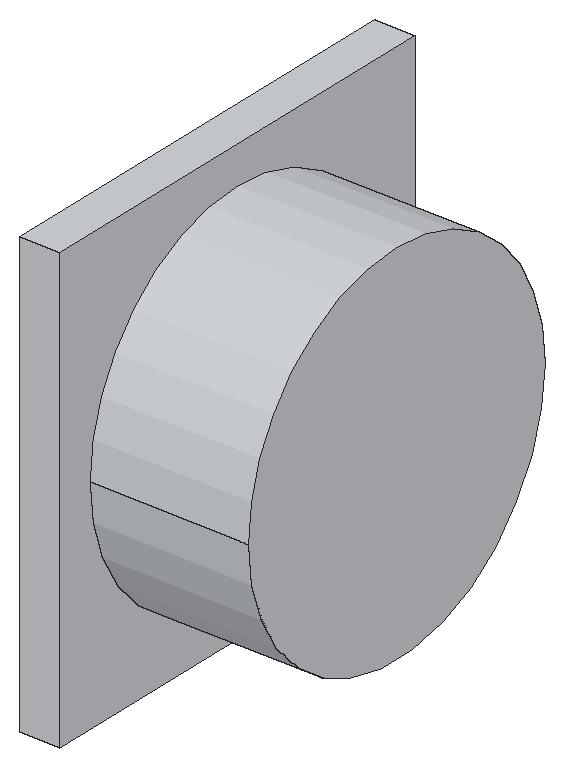
Revit family "c2b45ce6444d470cacd0dc4d57944c0f", category Conduit Fittings, Revit 2021
Family settings
  Round Connector Dimension = Use Radius
  Part Type = Multi Port
  OmniClass Number = 23.80.30.17.11
  OmniClass Title = Conduits
  Work Plane-Based = No
  Always vertical = Yes
  Cut with Voids When Loaded = No
  Shared = No
Parameters (values of type "Standard")
  Length 2 [instance] = Fitting Outside Diameter * 1.2  # 2.4"
  Nominal Radius [instance] = 5/8"
  Nominal Diameter [instance] = Nominal Radius * 2  # 1 1/4"
  Length 1 [instance] = Length * 0.2  # 0.2156"
  Length [instance] = size_lookup(Conduit Size Lookup, "Lgt", 0.29 * Nominal Diameter + 91/128", Nominal Diameter)  # 1.078"
  Fitting Outside Radius [instance] = Fitting Outside Diameter / 2  # 1"
  Fitting Outside Diameter [instance] = size_lookup(Conduit Size Lookup, "FOD", 1.14 * Nominal Diameter + 1/2", Nominal Diameter)  # 2"
  Default Elevation = 0' - 0"
  Conduit Size Lookup = "Conduit Meter Hub - PVC"
Reference planes (in)
  plane 1 "Center (Front/Back)": y = 0
  plane 2: z = 0
  plane 3 "Center (Left/Right)": x = 0
  plane 4: x = 1.078
  plane 5: x = 0.2156
  plane 6: y = 1.2
  plane 7: y = -1.2
  plane 8: z = 1.2
  plane 9: z = -1.2
Forms (in)
  Extrusion 1, solid, detail levels fine
    sketch origin (0, 0, 0) x (0, 1, 0) y (0, 0, 1)
      loop
        circle (0, 0) r 1
    from 0 to 1.078
  Extrusion 2, solid, detail levels fine
    sketch origin (0, 0, 0) x (0, 1, 0) y (0, 0, 1)
      loop
        line (1.2, 1.2) -> (-1.2, 1.2) -> (-1.2, -1.2) -> (1.2, -1.2) -> (1.2, 1.2)
    from 0 to 0.2156
Cuts and joins
  joined: Extrusion 1, Extrusion 2
Lines and regions (in)
  model lines, detail levels coarse+medium
    curve 1: line (0, 0, 0) -> (1.078, 0, 0)
Dimensions and locks (in)
  "Length": plane 3 "Center (Left/Right)" to plane 4
  "Length 1": plane 3 "Center (Left/Right)" to plane 5
  equal spacing: plane 6, plane 1 "Center (Front/Back)", plane 7
  "Length 2": plane 6 to plane 7
  equal spacing: plane 8, plane 2, plane 9
  "Length 2": plane 8 to plane 9
  "Fitting Outside Radius": radius of Extrusion 1 sketch curve
  aligned and locked: plane 3 "Center (Left/Right)" to curve 1
  aligned and locked: plane 4 to curve 1
  aligned and locked: plane 1 "Center (Front/Back)" to curve 1
  aligned and locked: plane 1 "Center (Front/Back)" to Extrusion 1 sketch curve
  aligned and locked: plane 2 to Extrusion 1 sketch curve
  aligned and locked: Extrusion 1 to plane 3 "Center (Left/Right)"
  aligned and locked: plane 4 to Extrusion 1
  aligned and locked: plane 8 to Extrusion 2 sketch curve
  aligned and locked: Extrusion 2 sketch curve to plane 6
  aligned and locked: plane 9 to Extrusion 2 sketch curve
  aligned and locked: Extrusion 2 sketch curve to plane 7
  aligned and locked: Extrusion 2 to plane 3 "Center (Left/Right)"
  aligned and locked: plane 5 to Extrusion 2
Connectors (in)
  cabletrayconduit at (0, 0, 0), diameter 1.25, driven by "Nominal Radius"
    settings: on cut or joined group of Extrusion 1, Extrusion 2, index 1, connector width 1' - 0", connector height 1' - 0", connector angle 0.00°, system type 32, placement type 0, profile type 0, connector reference index 2, is primary connector yes, connector utility param no, connector description ""
  cabletrayconduit at (1.078, 0, 0), diameter 1.25, driven by "Nominal Radius"
    settings: on cut or joined group of Extrusion 1, Extrusion 2, index 2, connector width 1' - 0", connector height 1' - 0", connector angle 0.00°, system type 32, placement type 0, profile type 0, connector reference index 1, is primary connector no, connector utility param no, connector description ""
